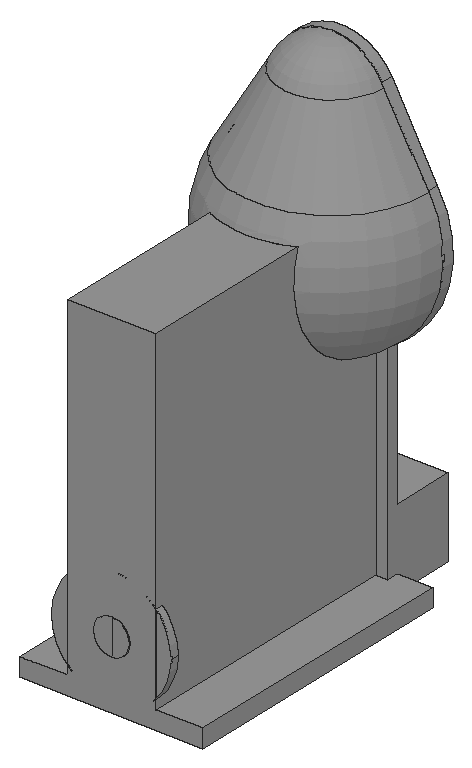
Revit family "Toilet-Willoughby-1490-HET-ETF-FM-BS-HC", category Plumbing Fixtures, host Face, Revit 2014
Parameters (values of type "Standard")
  Waste DIA = 2 1/4"
  Waste Connection = yes
  Vent Connection = no
  URL = "www.willoughby-ind.com"
  Type Comments = ""
  Revision = "A"
  Model = "ETF-1490-HET-FM-BS-HC-FA"
  Manufacturer = "Willoughby Industries"
  HW Connection = no
  Flush Inlet DIA = 1 1/2"
  Flush Inlet Connection = yes
  Fixture Body = Stainless Steel AISI 304-Willoughby
  Description = "High Efficiency  Handicap Toilet"
  Default Elevation = 0' - 0"
  Contact = "(800) 428-4065"
  CW Connection = no
Reference planes (in)
  plane 1 "Center (Front/Back)": y = 0
  plane 2: z = 0
  plane 3 "Center (Left/Right) Waste": x = 0
  plane 4 "Seat HGT": y = 18
  plane 5: y = 17.25
  plane 6: z = 18.5
  plane 7: z = 14.933
  plane 8: x = 3.25
  plane 9: x = -3.25
  plane 10: z = 20.25
  plane 11: x = 7
  plane 12: z = 23.1875
  plane 13: z = 8
  plane 14: z = 10
  plane 15 "Flush HGT": y = 19.25
  plane 16: x = 2.75
  plane 17: x = -2.75
  plane 18: z = 27.75
  plane 19: x = 5.75
  plane 20: x = -5.75
  plane 21: z = 1.125
  plane 22: z = -3
  plane 23 "Unit HGT": y = 22
  plane 24: z = 30.75
  plane 25: z = 22.20827
  plane 26: z = 4.25
Forms (in)
  Extrusion 1, solid, material "Stainless Steel AISI 304-Willoughby" <- "Fixture Body"
    sketch origin (0, 0, 0) x (1, 0, 0) y (0, 1, 0)
      loop
        line (-5.75, 0) -> (5.75, 0) -> (5.75, 18) -> (-5.75, 18) -> (-5.75, 0)
    from 0 to 1.125
  Revolve 2, solid, material "Stainless Steel AISI 304-Willoughby" <- "Fixture Body"
    sketch origin (-60, 17.25, 60.14981) x (-1, 0, 0) y (0, 0, 1)
      loop
        line (-60, -46.89981) -> (-60, -46.39981)
        arc (-60, -46.39981) -> (-65.42136, -42.59037) -> (-65.23755, -35.96698) r 7
        line (-65.23755, -35.96698) -> (-62.80388, -31.72393) -> (-62.74416, -31.59711)
        arc (-62.74416, -31.59711) -> (-61.61332, -30.35842) -> (-60, -29.89981) r 3.067
        line (-60, -29.89981) -> (-60, -29.39981)
        arc (-60, -29.39981) -> (-61.93389, -29.96955) -> (-63.25, -31.49678) r 3.567
        line (-63.25, -31.49678) -> (-66.0721, -36.41706)
        arc (-66.0721, -36.41706) -> (-66.0572, -43.40842) -> (-60, -46.89981) r 7
      axis (-60, -29.39981) -> (-60, -46.89981)
    angle from 0 to 180
  Extrusion 3, solid, material "Stainless Steel AISI 304-Willoughby" <- "Fixture Body"
    sketch origin (0, 0, 12.20755) x (1, 0, 0) y (0, 0, 1)
      loop
        line (-3.5, 1.93865) -> (-3.5, -11.08255) -> (3.5, -11.08255) -> (3.5, 1.93865)
        arc (3.5, 1.93865) -> (6.77318, 6.23534) -> (6.01269, 11.58294) r 6.99928
        line (6.01269, 11.58294) -> (3.14932, 16.69649)
        arc (3.14932, 16.69649) -> (-0.10896, 18.5408) -> (-3.25, 16.50322) r 3.60945
        line (-3.25, 16.50322) -> (-6.10166, 11.42924)
        arc (-6.10166, 11.42924) -> (-6.75024, 6.14955) -> (-3.5, 1.93865) r 6.99928
      loop
        arc (-4.17861, 9.875) -> (0, 3.42) -> (4.17861, 9.875) r 4.58
        line (4.17861, 9.875) -> (1.45817, 16.45616)
        arc (1.45817, 16.45616) -> (-0.05754, 17.35793) -> (-1.5058, 16.35139) r 1.629
        line (-1.5058, 16.35139) -> (-4.17861, 9.875)
    from -18 to -17.25
  Extrusion 4, solid, material "Stainless Steel AISI 304-Willoughby" <- "Fixture Body"
    sketch origin (0, 0, 12.20827) x (0, 1, 0) y (0, 0, 1)
      loop
        line (0, 10) -> (0, -11.08327) -> (17.25, -11.08327) -> (17.25, 1.50333)
        arc (17.25, 1.50333) -> (12.13093, 4.2568) -> (11.23533, 10) r 6.52933
        line (11.23533, 10) -> (0, 10)
    from 2.75 to -2.75
  Revolve 5, solid, material "Stainless Steel AISI 304-Willoughby" <- "Fixture Body"
    sketch origin (0, 19.25, -24) x (0, 0, -1) y (-1, 0, 0)
      loop
        line (-23.99906, 0) -> (-23.99906, 0.75) -> (-25, 0.75) -> (-25, 0) -> (-23.99906, 0)
      axis (-25, 0) -> (-23.99906, 0)
    angle from 0 to 360
  Extrusion 6, solid, material "Stainless Steel AISI 304-Willoughby" <- "Fixture Body"
    sketch origin (0, 0, 0) x (1, 0, 0) y (0, 0, 1)
      loop
        line (3.5, 0) -> (3.5, 5) -> (-3.5, 5) -> (-3.5, 0) -> (3.5, 0)
    from -18 to -22
  Revolve 7, solid, material "Stainless Steel AISI 304-Willoughby" <- "Fixture Body"
    sketch origin (0, 0, 0) x (0, 1, 0) y (0, 0, 1)
      loop
        line (-0.00227, 4.25) -> (1.75, 4.25) -> (1.75, 5.375) -> (-0.00227, 5.375) -> (-0.00227, 4.25)
      axis (1.75, 4.25) -> (-0.00227, 4.25)
    angle from 0 to 360
  Extrusion 8, solid, material "Stainless Steel AISI 304-Willoughby" <- "Fixture Body"
    sketch origin (0, 0, 0) x (1, 0, 0) y (0, 0, 1)
      loop
        circle (0, 4.25) r 3.75
    from 0 to -0.5
Cuts and joins
  joined: Extrusion 1, Revolve 2, Extrusion 4
  joined: Extrusion 3, Extrusion 6
Lines and regions (in)
  symbolic lines
    curve 1: line (0, 0, 0) -> (0, 22, 0)
    curve 2: line (0, 22, 0) -> (0, 22, 5)
    curve 3: line (0, 22, 5) -> (0, 18, 5)
    curve 4: line (0, 18, 5) -> (0, 18, 30.75)
    curve 5: line (0, 18, 30.75) -> (0, 17.25, 30.75)
    curve 6: arc (0, 17.25, 30.75) -> (0, 15.52702, 30.30441) -> (0, 14.23609, 29.07936) r 3.55394
    curve 7: line (0, 14.23609, 29.07936) -> (0, 11.23199, 23.82221)
    curve 8: arc (0, 11.23199, 23.82221) -> (0, 10.83688, 23.03434) -> (0, 10.5295, 22.20827) r 8.11918
    curve 9: line (0, 11.1179, 22.20827) -> (0, 0, 22.20827)
    curve 10: line (0, 0, 22.20827) -> (0, 0, 0)
    curve 11: line (0, 0, 1.125) -> (0, 17.25, 1.125)
    curve 12: line (0, 17.25, 1.125) -> (0, 17.25, 14.1462)
    curve 13: line (0, 17.25, 14.1462) -> (0, 18, 14.1462)
    curve 14: arc (0, 12.02536, 16.4896) -> (0, 11.27842, 17.85778) -> (0, 10.8653, 19.36083) r 6.74878
    curve 15: arc (0, 10.8653, 19.36083) -> (0, 10.81924, 20.79984) -> (0, 11.1179, 22.20827) r 5.98954
    curve 16: arc (0, 17.25, 13.71161) -> (0, 14.72274, 14.34174) -> (0, 12.56338, 15.79822) r 7.50006
    curve 17: arc (0, 12.56338, 15.79822) -> (0, 12.28645, 16.13774) -> (0, 12.02536, 16.4896) r 9.55924
    curve 18: line (-6.99928, 18, 0) -> (6.99928, 18, 0)
    curve 19: line (6.99928, 18, 0) -> (6.99928, 17.25, 0)
    curve 20: arc (6.99928, 17.25, 0) -> (5.84117, 13.39339, 0) -> (2.75, 10.8128, 0) r 7.00046
    curve 21: line (2.75, 11.1179, 0) -> (2.75, 0, 0)
    curve 22: line (2.75, 0.5, 0) -> (3.75, 0.5, 0)
    curve 23: line (3.75, 0.5, 0) -> (3.75, 0, 0)
    curve 24: line (5.75, 13.25871, 0) -> (5.75, 0, 0)
    curve 25: line (5.75, 0, 0) -> (-5.75, 0, 0)
    curve 26: line (-5.75, 0, 0) -> (-5.75, 13.25, 0)
    curve 27: line (-2.75, 11.1179, 0) -> (-2.75, 0, 0)
    curve 28: line (-2.75, 0.5, 0) -> (-3.75, 0.5, 0)
    curve 29: line (-3.75, 0.5, 0) -> (-3.75, 0, 0)
    curve 30: arc (-2.75, 11.1179, 0) -> (0, 10.5295, 0) -> (2.75, 11.1179, 0) r 6.7205
    curve 31: arc (-2.75, 10.75, 0) -> (-5.80758, 13.3901, 0) -> (-6.99928, 17.25, 0) r 7.3205
    curve 32: line (-6.99928, 17.25, 0) -> (-6.99928, 18, 0)
    curve 33: line (-3.5, 18, 0) -> (-3.5, 22, 0)
    curve 34: line (-3.5, 22, 0) -> (3.5, 22, 0)
    curve 35: line (3.5, 22, 0) -> (3.5, 18, 0)
    curve 36: line (-3.5, 0, 14.1462) -> (-3.5, 0, 1.1462)
    curve 37: line (-3.5, 0, 1.1462) -> (-5.75, 0, 1.1462)
    curve 38: line (-5.75, 0, 1.1462) -> (-5.75, 0, 0)
    curve 39: line (-5.75, 0, 0) -> (5.75, 0, 0)
    curve 40: line (5.75, 0, 0) -> (5.75, 0, 1.125)
    curve 41: line (5.75, 0, 1.125) -> (3.5, 0, 1.125)
    curve 42: line (3.5, 0, 1.125) -> (3.5, 0, 14.1462)
    curve 43: arc (3.5, 0, 14.1462) -> (6.7563, 0, 18.41085) -> (6.0721, 0, 23.73275) r 7.05679
    curve 44: line (6.0721, 0, 23.73275) -> (3.14229, 0, 28.91654)
    curve 45: arc (3.14229, 0, 28.91654) -> (0, 0, 30.75) -> (-3.14229, 0, 28.91654) r 3.60945
    curve 46: arc (-3.14229, 0, 28.91654) -> (-4.60542, 0, 26.2983) -> (-6.09394, 0, 23.69441) r 308.42622
    curve 47: arc (-6.09394, 0, 23.69441) -> (-6.78579, 0, 18.38001) -> (-3.5, 0, 14.1462) r 6.96819
  symbolic lines, detail levels fine
    curve 48: arc (-4.23214, 0, 21.95838) -> (0.06761, 0, 15.62805) -> (4.17861, 0, 22.08255) r 4.58
    curve 49: line (4.17861, 0, 22.08255) -> (1.45817, 0, 28.66371)
    curve 50: arc (1.45817, 0, 28.66371) -> (0, 0, 29.5665) -> (-1.45817, 0, 28.66371) r 1.629
    curve 51: line (-1.45817, 0, 28.66371) -> (-4.23214, 0, 21.95838)
    curve 52: arc (-3.5, 0, 5.59629) -> (-3.75, 0, 4.25) -> (-3.5, 0, 2.90371) r 3.75
    curve 53: arc (3.5, 0, 2.8962) -> (3.75039, 0, 4.24625) -> (3.5, 0, 5.59629) r 3.76475
  symbolic lines, detail levels medium+fine
    curve 54: line (-3.5, 0, 5) -> (3.5, 0, 5)
Dimensions and locks (in)
  equal spacing: plane 8, plane 3 "Center (Left/Right) Waste", plane 9
  plane 8 to plane 9 = 0' - 6 1/2"
  host face to plane 10 = 1' - 8 1/4"
  plane 6 to level = 1' - 6 1/2"
  plane 4 "Seat HGT" to plane 1 "Center (Front/Back)" = 1' - 6"
  locked: plane 1 "Center (Front/Back)" to plane 15 "Flush HGT" at 19.25
  locked: plane 17 to plane 16 at 5.5
  plane 5 to plane 1 "Center (Front/Back)" = 1' - 5 1/4"
  level to plane 18 = 2' - 3 3/4"
  locked: plane 20 to plane 19 at 11.5
  plane 1 "Center (Front/Back)" to plane 4 "Seat HGT" = 1' - 6"
  cut or joined group of Extrusion 3, Extrusion 6 to plane 1 "Center (Front/Back)" = 1' - 10"
  locked: plane 1 "Center (Front/Back)" to plane 23 "Unit HGT" at 22
  locked: plane 20 to plane 3 "Center (Left/Right) Waste" at 5.75
  plane 23 "Unit HGT" to plane 1 "Center (Front/Back)" = 1' - 10"
  plane 18 to level = 2' - 3 3/4"
  plane 19 to plane 20 = 0' - 11 1/2"
  plane 15 "Flush HGT" to plane 1 "Center (Front/Back)" = 1' - 7 1/4"
  plane 26 to level = 0' - 4 1/4"
  locked: plane 24 to level at 30.75
  aligned and locked: plane 2 to host face
  aligned and locked: level to host face
  aligned and locked: plane 19 to Extrusion 1
  aligned and locked: Extrusion 1 to plane 20
  aligned and locked: plane 16 to Extrusion 4
  aligned and locked: Extrusion 4 to plane 17
  aligned and locked: Extrusion 6 to Extrusion 3
  aligned and locked: Extrusion 6 to level
  aligned and locked: Extrusion 3 to Extrusion 6
  aligned and locked: Revolve 7 sketch curve to Revolve 7 sketch curve  (x2)
Automatic sketch dimensions
  host sketch curve to host sketch curve = 3' - 6.09429"
  host sketch curve to host sketch curve = 4' - 3.69331"
  Extrusion 3 sketch curve to Extrusion 3 sketch curve = 0' - 0"  (x4)
  Extrusion 3 sketch curve to plane 9 = 0' - 0"
  Extrusion 3 sketch curve to plane 3 "Center (Left/Right) Waste" = 0' - 0"  (x3)
  plane 13 to Extrusion 3 sketch curve = 1' - 0.20755"
  plane 7 to Extrusion 3 sketch curve = 1' - 0.20755"
  Extrusion 3 sketch curve to plane 9 = 0' - 0 1/4"
  Extrusion 3 sketch curve to plane 9 = 0' - 0.92861"
  Extrusion 3 sketch curve to plane 3 "Center (Left/Right) Waste" = 0' - 1.5058"
  plane 3 "Center (Left/Right) Waste" to Extrusion 3 sketch curve = 0' - 1.45817"
  Extrusion 3 sketch curve to plane 8 = 0' - 0.10068"
  plane 8 to Extrusion 3 sketch curve = 0' - 0 1/4"
  plane 8 to Extrusion 3 sketch curve = 0' - 0.92861"
  level to Extrusion 3 sketch curve = 1' - 2.1462"  (x2)
  plane 13 to Extrusion 3 sketch curve = 1' - 2.08255"
  Extrusion 3 sketch curve to Extrusion 3 sketch curve = 0' - 0.79695"
  plane 7 to Extrusion 3 sketch curve = 1' - 1.62595"
  plane 7 to Extrusion 3 sketch curve = 1' - 1.77778"
  Extrusion 3 sketch curve to Extrusion 3 sketch curve = 1' - 1.0212"
  plane 14 to Extrusion 4 sketch curve = 1' - 0.20827"
  Extrusion 4 sketch curve to plane 5 = 0' - 0"
  plane 5 to Extrusion 4 sketch curve = 0' - 0.21015"
  plane 13 to Extrusion 4 sketch curve = 1' - 0.23755"
  level to Extrusion 4 sketch curve = 0' - 1 1/8"
  Extrusion 4 sketch curve to plane 5 = 0' - 6.01467"
  Revolve 2 sketch curve to Revolve 2 sketch curve = 0' - 0"  (x3)
  Revolve 2 sketch curve to plane 8 = 0' - 0"
  Revolve 2 sketch curve to plane 3 "Center (Left/Right) Waste" = 0' - 0"  (x3)
  Revolve 2 sketch curve to plane 10 = 0' - 0"
  Revolve 2 sketch curve to plane 8 = 0' - 0.44612"
  Revolve 2 sketch curve to Revolve 2 sketch curve = 0' - 0.05972"
  plane 10 to Revolve 2 sketch curve = 0' - 0.45007"
  Revolve 2 sketch curve to plane 3 "Center (Left/Right) Waste" = 0' - 0.83455"
  level to Revolve 2 sketch curve = 1' - 1 3/4"
  Revolve 2 sketch curve to Revolve 2 sketch curve = 0' - 0 1/2"
  plane 7 to Revolve 2 sketch curve = 1' - 0 1/4"
  plane 7 to Revolve 2 sketch curve = 1' - 1.49288"
  Revolve 2 sketch curve to Revolve 2 sketch curve = 0' - 0.12681"
  Revolve 2 sketch curve to Revolve 2 sketch curve = 0' - 0.22715"
  Revolve 5 sketch curve to plane 3 "Center (Left/Right) Waste" = 0' - 0"  (x2)
  level to Revolve 5 sketch curve = 0' - 1"
  Revolve 5 sketch curve to plane 3 "Center (Left/Right) Waste" = 0' - 0 3/4"
  Revolve 5 sketch curve to level = 0' - 0.00094"
  Revolve 5 sketch curve to Revolve 5 sketch curve = 0' - 0"
  Revolve 5 sketch curve to Revolve 5 sketch curve = 0' - 4.49906"
  Extrusion 1 sketch curve to plane 9 = 0' - 2 1/2"
  plane 6 to Extrusion 3 sketch curve = 0' - 5.13679"
  plane 8 to Extrusion 1 sketch curve = 0' - 2 1/2"
  plane 6 to Revolve 2 sketch curve = 0' - 5.68282"
  plane 6 to Revolve 2 sketch curve = 0' - 5.23275"
  plane 6 to Extrusion 3 sketch curve = 0' - 5.2905"
  Extrusion 6 sketch curve to level = 0' - 0"
  Extrusion 6 sketch curve to plane 9 = 0' - 0 1/4"
  plane 8 to Extrusion 6 sketch curve = 0' - 0 1/4"
  Extrusion 6 sketch curve to plane 13 = 0' - 3"
  plane 1 "Center (Front/Back)" to Extrusion 1 sketch curve = 0' - 0"
  Extrusion 4 sketch curve to plane 1 "Center (Front/Back)" = 0' - 0"
  Extrusion 1 sketch curve to plane 4 "Seat HGT" = 0' - 0"
  Revolve 7 sketch curve to plane 26 = 0' - 0"
  plane 1 "Center (Front/Back)" to Revolve 7 sketch curve = 0' - 0.00227"
  Revolve 7 sketch curve to plane 1 "Center (Front/Back)" = 0' - 1 3/4"
  Revolve 7 sketch curve to Revolve 7 sketch curve = 0' - 1 1/8"
  Revolve 7 sketch curve to Revolve 7 sketch curve = 0' - 1.24773"
  Extrusion 8 sketch curve to plane 3 "Center (Left/Right) Waste" = 0' - 0"
  Extrusion 8 sketch curve to plane 26 = 0' - 0"
  curve 1 to level = 0' - 0"
  curve 1 to plane 1 "Center (Front/Back)" = 0' - 0"
  curve 8 to plane 25 = 0' - 0"
  curve 16 to plane 5 = 0' - 0"
  curve 5 to plane 5 = 0' - 0"
  curve 4 to plane 4 "Seat HGT" = 0' - 0"
  curve 3 to plane 23 "Unit HGT" = 0' - 0"
  curve 11 to plane 21 = 0' - 0"
  curve 5 to plane 24 = 0' - 0"
  plane 25 to curve 7 = 0' - 1.61394"
  curve 9 to curve 7 = 0' - 0.1141"
  plane 18 to curve 7 = 0' - 1.32936"
  curve 7 to curve 6 = 0' - 3.01391"
  curve 15 to plane 5 = 0' - 0.46465"
  plane 5 to curve 14 = 0' - 0.28578"
  curve 16 to plane 4 "Seat HGT" = 0' - 0.22672"
  plane 4 "Seat HGT" to curve 8 = 0' - 0.28141"
  curve 17 to plane 25 = 0' - 0.19977"
  plane 15 "Flush HGT" to curve 17 = 0' - 0.58054"
  plane 26 to curve 4 = 0' - 0 3/4"
  curve 12 to plane 7 = 0' - 0.7868"
  curve 8 to curve 15 = 0' - 0.47663"
  curve 15 to curve 14 = 0' - 0.11532"
  curve 14 to curve 16 = 0' - 0.80747"
  curve 14 to curve 15 = 0' - 0"
  curve 15 to curve 17 = 0' - 1.16006"
  curve 14 to curve 17 = 0' - 0"
  curve 17 to curve 17 = 0' - 0.53802"
  curve 16 to curve 12 = 0' - 0.4346"
  curve 31 to plane 5 = 0' - 0"
  curve 32 to plane 4 "Seat HGT" = 0' - 0"
  plane 1 "Center (Front/Back)" to curve 26 = 0' - 0"
  curve 26 to plane 20 = 0' - 0"
  curve 27 to plane 17 = 0' - 0"
  curve 20 to plane 5 = 0' - 0"
  curve 30 to plane 3 "Center (Left/Right) Waste" = 0' - 0"
  curve 21 to plane 16 = 0' - 0"
  curve 35 to plane 23 "Unit HGT" = 0' - 0"
  curve 24 to plane 19 = 0' - 0"
  curve 30 to plane 5 = 0' - 0"
  curve 18 to plane 20 = 0' - 1.24928"
  curve 28 to plane 9 = 0' - 0 1/2"
  curve 33 to plane 9 = 0' - 0 1/4"
  curve 20 to plane 3 "Center (Left/Right) Waste" = 0' - 0.00118"
  plane 5 to curve 31 = 0' - 0.14577"
  plane 3 "Center (Left/Right) Waste" to curve 31 = 0' - 0.31976"
  plane 8 to curve 23 = 0' - 0 1/2"
  plane 19 to curve 19 = 0' - 1.24928"
  curve 22 to plane 1 "Center (Front/Back)" = 0' - 0 1/2"
  curve 28 to plane 1 "Center (Front/Back)" = 0' - 0 1/2"
  curve 31 to curve 27 = 0' - 0.3679"
  plane 8 to curve 35 = 0' - 0 1/4"
  curve 30 to curve 26 = 0' - 2.1321"
  curve 38 to plane 20 = 0' - 0"
  curve 50 to plane 3 "Center (Left/Right) Waste" = 0' - 0"
  curve 45 to plane 3 "Center (Left/Right) Waste" = 0' - 0"
  curve 52 to plane 3 "Center (Left/Right) Waste" = 0' - 0"
  curve 48 to plane 3 "Center (Left/Right) Waste" = 0' - 0"
  curve 41 to plane 21 = 0' - 0"
  curve 39 to level = 0' - 0"
  curve 39 to plane 19 = 0' - 0"
  curve 52 to plane 26 = 0' - 0"
  curve 46 to plane 20 = 22' - 3.35964"
  plane 21 to curve 37 = 0' - 0.0212"
  plane 17 to curve 51 = 0' - 1.29183"
  curve 47 to plane 3 "Center (Left/Right) Waste" = 0' - 0.06133"
  curve 47 to curve 43 = 0' - 0.00189"
  curve 53 to plane 26 = 0' - 0.00375"
  curve 53 to plane 3 "Center (Left/Right) Waste" = 0' - 0.01436"
  plane 18 to curve 49 = 0' - 0.91371"
  plane 3 "Center (Left/Right) Waste" to curve 49 = 0' - 1.45817"
  curve 44 to plane 8 = 0' - 0.10771"
  plane 8 to curve 41 = 0' - 0 1/4"
  curve 49 to plane 25 = 0' - 0.12572"
  plane 8 to curve 49 = 0' - 0.92861"
  plane 19 to curve 44 = 0' - 0.3221"
  curve 42 to plane 7 = 0' - 0.7868"
  curve 36 to plane 7 = 0' - 0.7868"
  plane 6 to curve 47 = 0' - 1.70683"
  curve 47 to curve 48 = 0' - 0.00073"
  curve 47 to curve 43 = 0' - 0.03271"
  curve 45 to plane 18 = 0' - 0.60945"
  plane 18 to curve 50 = 0' - 0 3/16"
  plane 18 to curve 44 = 0' - 1.16654"
  plane 24 to curve 46 = 12' - 3.31198"
  curve 46 to curve 47 = 0' - 0"
  curve 48 to plane 25 = 0' - 0.2499"
  curve 51 to plane 25 = 0' - 0.2499"
  curve 54 to plane 9 = 0' - 0 1/4"
  curve 53 to plane 26 = 0' - 1.3538"
  curve 52 to plane 26 = 0' - 1.34629"
  curve 54 to curve 53 = 0' - 0.59629"
  radius of Extrusion 8 sketch curve = 0' - 3 3/4"
Connectors (in)
  piping at (0, 19.25, -0.00094), diameter 1.5, driven by "Flush Inlet Connection", driven by "Flush Inlet DIA"
    settings: on Revolve 5, index 2, connector inside diameter 24", connector length 0' - 0", flow factor 0, pipe flow 0 GPM, pressure drop 0.00 psi, fitting loss kfactor 0, connector angle 0.00°, fixture units 0, engagement length 0' - 0", angle of deflection 0.00°, flow configuration 0, flow direction 1, fitting loss method 0, system type 20, joint type 0, gender type 0, connector reference index -1, connector utility 1, adjustable connector no, is connector primary yes, connector description "Flush Inlet"
  piping at (0, -0.00227, 4.25), diameter 2.25, driven by "Waste Connection", driven by "Waste DIA"
    settings: on Revolve 7, index 3, connector inside diameter 24", connector length 0' - 0", flow factor 0, pipe flow 0 GPM, pressure drop 0.00 psi, fitting loss kfactor 0, connector angle 0.00°, fixture units 0, engagement length 0' - 0", angle of deflection 0.00°, flow configuration 0, flow direction 2, fitting loss method 0, system type 16, joint type 0, gender type 0, connector reference index -1, connector utility 1, adjustable connector no, is connector primary no, connector description "Toilet Waste"
